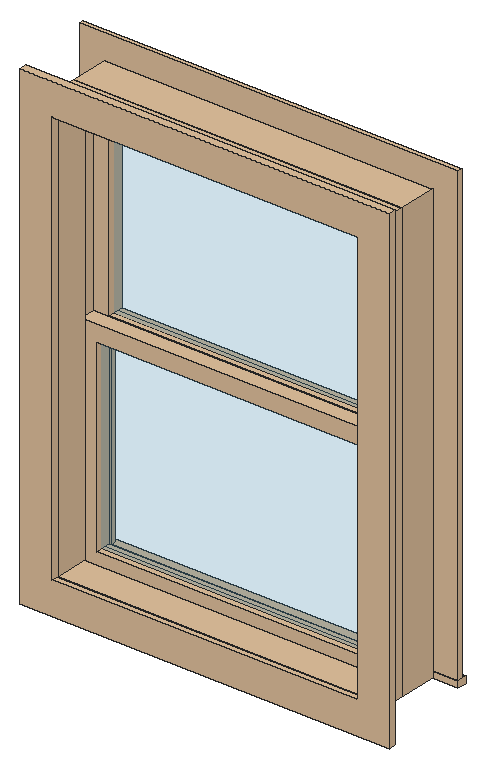
Revit family "Double Hung with Trim", category Windows, host Wall, Revit 2014
Parameters (values of type "36" x 48"")
  Visual Light Transmittance = 0.9
  Thermal Resistance (R) = 1.5394 (h·ft²·°F)/BTU
  Solar Heat Gain Coefficient = 0.78
  Construction Type Id = "GSP4R"
  Heat Transfer Coefficient (U) = 0.6496 BTU/(h·ft²·°F)
  Assembly Code = "B2020100"
  Glass Pane Material = Glass
  Height = 4' - 0"
  Sash Material = Sash
  Default Sill Height = 3' - 0"
  Trim Exterior Material = Trim
  Trim Interior Material = Trim
  Trim Projection - Ext. = 0' - 0 1/2"
  Trim Projection - Int. = 0' - 0 3/4"
  Trim Width - Exterior = 0' - 3 1/2"
  Trim Width - Interior = 0' - 3 1/2"
  Wall Closure = By host
  Width = 3' - 0"
  Window Inset = 0' - 0 3/4"
  Analytic Construction = "1/8 in Pilkington single glazing"
Types (9): name | Height | Default Sill Height | Width
  36" x 48" | 4' - 0" | 3' - 0" | 3' - 0"
  24" x 48" | 4' - 0" | 3' - 0" | 2' - 0"
  24" x 24" | 2' - 0" | 3' - 0" | 2' - 0"
  16" x 24" | 2' - 0" | 3' - 0" | 1' - 4"
  16" x 48" | 4' - 0" | 3' - 0" | 1' - 4"
  16" x 72" | 6' - 0" | 1' - 0" | 1' - 4"
  24" x 72" | 6' - 0" | 1' - 0" | 2' - 0"
  36" x 24" | 2' - 0" | 3' - 0" | 3' - 0"
  36" x 72" | 6' - 0" | 1' - 0" | 3' - 0"
Reference planes (in)
  plane 1: y = 0
  plane 2: z = 0
  plane 3 "Center": x = 0
  plane 4 "Left": x = -18
  plane 5 "Right": x = 18
  plane 6 "Sill": z = 36
  plane 7 "Top": z = 84
  plane 8: y = 4
  plane 9: y = -4
  plane 10: y = 3.25
  plane 11: z = 60
  plane 12: x = -17.25
  plane 13: x = -20.75
  plane 14: x = -20.25
  plane 15: x = -16.75
  plane 16: x = 20.75
  plane 17: x = 16.75
  plane 18: x = 20.25
  plane 19: x = 17.25
  plane 20: z = 86.75
  plane 21: z = 86.25
  plane 22: z = 83.25
  plane 23: z = 33.75
  plane 24: z = 37.25
  plane 25: z = 82.75
  plane 26 "Closure": y = 0.375
Forms (in)
  Extrusion 1, solid, material "Sash" <- "Sash Material"
    sketch origin (0, 0, 0) x (1, 0, 0) y (0, 0, 1)
      loop
        line (-18, 84) -> (-18, 36) -> (18, 36) -> (18, 84) -> (-18, 84)
      loop
        line (-17.25, 83.25) -> (-17.25, 36.75) -> (17.25, 36.75) -> (17.25, 83.25) -> (-17.25, 83.25)
    from -4 to 0.25
  Extrusion 2, solid, material "Sash" <- "Sash Material"
    sketch origin (0, 0, 0) x (-1, 0, 0) y (0, 0, 1)
      loop
        line (-18, 84) -> (-18, 36) -> (18, 36) -> (18, 84) -> (-18, 84)
      loop
        line (-16.75, 82.75) -> (-16.75, 37.25) -> (16.75, 37.25) -> (16.75, 82.75) -> (-16.75, 82.75)
    from -0.25 to -4
  Extrusion 3, solid, material "Sash" <- "Sash Material"
    sketch origin (0, 0, 0) x (-1, 0, 0) y (0, 0, 1)
      loop
        line (-17.25, 83.25) -> (-17.25, 59.125) -> (17.25, 59.125) -> (17.25, 83.25) -> (-17.25, 83.25)
      loop
        line (-15.5, 81.5) -> (-15.5, 60.875) -> (15.5, 60.875) -> (15.5, 81.5) -> (-15.5, 81.5)
    from 1.5 to 3.25
  Extrusion 4, solid, material "Glass" <- "Glass Pane Material"
    sketch origin (-4.9201, 0, -4.60771) x (1, 0, 0) y (0, 0, 1)
      loop
        line (-10.5799, 86.10771) -> (-10.5799, 65.48271) -> (20.4201, 65.48271) -> (20.4201, 86.10771) -> (-10.5799, 86.10771)
    from -2.625 to -2.125
  Extrusion 5, solid, material "Trim" <- "Trim Interior Material"
    sketch origin (0, 0, 0) x (1, 0, 0) y (0, 0, 1)
      loop
        line (-16.75, 82.75) -> (-16.75, 37.25) -> (16.75, 37.25) -> (16.75, 82.75) -> (-16.75, 82.75)
      loop
        line (-20.25, 86.25) -> (-20.25, 33.75) -> (20.25, 33.75) -> (20.25, 86.25) -> (-20.25, 86.25)
    from 4 to 4.75
  Extrusion 6, solid, material "Trim" <- "Trim Exterior Material"
    sketch origin (0, 0, 0) x (-1, 0, 0) y (0, 0, 1)
      loop
        line (-17.25, 83.25) -> (17.25, 83.25) -> (17.25, 36.75) -> (20.75, 36.75) -> (20.75, 86.75) -> (-20.75, 86.75) -> (-20.75, 36.75) -> (-17.25, 36.75) -> (-17.25, 83.25)
    from 4 to 4.5
  Extrusion 7, solid, material "Trim" <- "Trim Exterior Material"
    sketch origin (0, 0, 0) x (-1, 0, 0) y (0, 0, 1)
      loop
        line (-20.75, 36.75) -> (-20.75, 36) -> (20.75, 36) -> (20.75, 36.75) -> (-20.75, 36.75)
    from 4 to 5
  Extrusion 8, solid, material "Sash" <- "Sash Material"
    sketch origin (0, 0, 0) x (-1, 0, 0) y (0, 0, 1)
      loop
        line (-17.25, 60.875) -> (-17.25, 36.75) -> (17.25, 36.75) -> (17.25, 60.875) -> (-17.25, 60.875)
      loop
        line (-15.5, 59.125) -> (-15.5, 38.5) -> (15.5, 38.5) -> (15.5, 59.125) -> (-15.5, 59.125)
    from -0.25 to 1.5
  Extrusion 9, solid, material "Glass" <- "Glass Pane Material"
    sketch origin (0, 0, 0) x (-1, 0, 0) y (0, 0, 1)
      loop
        line (-15.5, 38.5) -> (15.5, 38.5) -> (15.5, 59.125) -> (-15.5, 59.125) -> (-15.5, 38.5)
    from 0.375 to 0.875
Lines and regions (in)
  Opening 1
    outline origin (-60, -4, 0) x (1, 0, 0) y (0, 0, 1)
      loop
        line (42, 84) -> (42, 36) -> (78, 36) -> (78, 84) -> (42, 84)
  symbolic lines, style "WindowsFrameMullionProjection"
    curve 1: line (-18, 4, 0) -> (-17.25, 4, 0)
    curve 2: line (-17.25, -0.25, 0) -> (-17.25, 4, 0)
    curve 3: line (-17.25, -0.25, 0) -> (-16.75, -0.25, 0)
    curve 4: line (-16.75, -4, 0) -> (-16.75, -0.25, 0)
    curve 5: line (18, 4, 0) -> (17.25, 4, 0)
    curve 6: line (16.75, -0.25, 0) -> (16.75, -4, 0)
    curve 7: line (16.75, -0.25, 0) -> (17.25, -0.25, 0)
    curve 8: line (17.25, -0.25, 0) -> (17.25, 4, 0)
    curve 9: line (-17.25, 1.5, 0) -> (-15.5, 1.5, 0)
    curve 10: line (-17.25, -0.25, 0) -> (-15.5, -0.25, 0)
    curve 11: line (-15.5, 1.5, 0) -> (-15.5, -0.25, 0)
    curve 12: line (17.25, 1.5, 0) -> (15.5, 1.5, 0)
    curve 13: line (17.25, -0.25, 0) -> (15.5, -0.25, 0)
    curve 14: line (15.5, 1.5, 0) -> (15.5, -0.25, 0)
    curve 16: line (-16.75, -4, 0) -> (-18, -4, 0)
    curve 17: line (16.75, -4, 0) -> (18, -4, 0)
  symbolic lines, style "WindowsGlassProjection"
    curve 15: line (-15.5, 0.625, 0) -> (15.5, 0.625, 0)
Text (in)
  text "EXTERIOR" at (-56.58296, 39.90194, 0), in view "Floor Line"
  text "INTERIOR" at (-56.58296, -29.86145, 0), in view "Floor Line"
  text "Exterior" at (0, 59.91871, 123.60809), in view "Left"
  text "Exterior" at (0, 18.29385, 125.04747), in view "Right"
Dimensions and locks (in)
  equal spacing: plane 4 "Left", plane 3 "Center", plane 5 "Right"
  "Width": plane 4 "Left" to plane 5 "Right"
  "Window Inset": plane 8 to plane 10
  locked: plane 10 to Extrusion 3 at 1.75
  locked: plane 10 to Extrusion 4 at 0.625
  locked: Extrusion 4 to Extrusion 4 at 0.5
  "Trim Projection - Int.": Extrusion 5 to Extrusion 5
  "Trim Projection - Ext.": Extrusion 6 to Extrusion 6
  locked: Extrusion 7 sketch curve to Extrusion 1 at 0.75
  locked: Extrusion 7 to Extrusion 6 at 0.5
  equal spacing: plane 6 "Sill", plane 11, plane 7 "Top"
  Extrusion 3 sketch curve to plane 11 to Extrusion 3 sketch curve = 0' - 0 7/8" locked, 0' - 0 7/8" locked
  locked: Extrusion 8 to Extrusion 3 at 3.5
  locked: Extrusion 8 to Extrusion 8 at 1.75
  locked: Extrusion 9 to Extrusion 8 at 0.625
  locked: Extrusion 9 to Extrusion 9 at 0.5
  locked: plane 4 "Left" to plane 12 at 0.75
  locked: plane 19 to plane 5 "Right" at 0.75
  locked: plane 4 "Left" to plane 15 at 1.25
  locked: plane 17 to plane 5 "Right" at 1.25
  locked: plane 22 to plane 7 "Top" at 0.75
  "Trim Width - Exterior": plane 22 to plane 20
  "Trim Width - Exterior": plane 19 to plane 16
  "Trim Width - Exterior": plane 13 to plane 12
  locked: plane 24 to plane 6 "Sill" at 1.25
  "Trim Width - Interior": plane 24 to plane 23
  "Trim Width - Interior": plane 14 to plane 15
  "Trim Width - Interior": plane 17 to plane 18
  "Height": plane 7 "Top" to plane 6 "Sill"
  "Default Sill Height": plane 6 "Sill" to plane 2
  locked: plane 7 "Top" to plane 25 at 1.25
  "Trim Width - Interior": plane 21 to plane 25
  locked: plane 26 "Closure" to plane 10 at 2.875
  equal spacing: Extrusion 8, curve 15, Extrusion 8
  aligned and locked: plane 7 "Top" to Opening 1 sketch curve
  aligned and locked: plane 6 "Sill" to Opening 1 sketch curve  (x2)
  aligned and locked: plane 5 "Right" to Opening 1 sketch curve
  aligned and locked: plane 4 "Left" to Opening 1 sketch curve
  aligned and locked: plane 9 to host wall
  aligned and locked: host wall to Extrusion 2
  aligned and locked: plane 10 to Extrusion 3
  aligned and locked: plane 8 to host wall
  aligned and locked: host wall to Extrusion 1
  aligned and locked: Extrusion 4 sketch curve to Extrusion 3  (x4)
  aligned and locked: curve 5 to Extrusion 1  (x2)
  aligned and locked: Extrusion 2 to curve 6
  aligned and locked: Extrusion 2 to curve 4
  aligned and locked: Extrusion 3 to curve 14
  aligned and locked: Extrusion 1 to curve 10
  aligned and locked: Extrusion 1 to curve 7
  aligned and locked: Extrusion 5 sketch curve to Extrusion 2  (x4)
  aligned and locked: Extrusion 5 to host wall
  aligned and locked: Extrusion 6 sketch curve to Extrusion 1  (x4)
  aligned and locked: Extrusion 6 to host wall
  aligned and locked: Extrusion 7 sketch curve to Extrusion 6  (x2)
  aligned and locked: Extrusion 7 to host wall
  aligned and locked: Extrusion 1 to Extrusion 8 sketch curve
  aligned and locked: Extrusion 8 sketch curve to Extrusion 6  (x2)
  aligned and locked: Extrusion 8 sketch curve to Extrusion 3
  aligned and locked: Extrusion 2 to Extrusion 8
  aligned and locked: Extrusion 1 to Extrusion 2
  aligned and locked: Extrusion 9 sketch curve to Extrusion 8  (x2)
  aligned and locked: Extrusion 3 to Extrusion 9 sketch curve
  aligned and locked: curve 9 to Extrusion 9 sketch curve
  aligned and locked: curve 9 to Extrusion 8
  aligned and locked: curve 12 to Extrusion 8
Automatic sketch dimensions
  Extrusion 1 sketch curve to plane 4 "Left" = 0' - 0"
  Extrusion 1 sketch curve to plane 5 "Right" = 0' - 0"
  Extrusion 1 sketch curve to plane 4 "Left" = 0' - 0 3/4"
  plane 5 "Right" to Extrusion 1 sketch curve = 0' - 0 3/4"
  Extrusion 1 sketch curve to plane 6 "Sill" = 0' - 0"
  Extrusion 1 sketch curve to plane 7 "Top" = 0' - 0"
  Extrusion 1 sketch curve to plane 6 "Sill" = 0' - 0 3/4"
  plane 7 "Top" to Extrusion 1 sketch curve = 0' - 0 3/4"
  Extrusion 2 sketch curve to plane 5 "Right" = 0' - 0"
  Extrusion 2 sketch curve to plane 4 "Left" = 0' - 0"
  plane 5 "Right" to Extrusion 2 sketch curve = 0' - 1 1/4"
  Extrusion 2 sketch curve to plane 4 "Left" = 0' - 1 1/4"
  Extrusion 2 sketch curve to plane 6 "Sill" = 0' - 0"
  Extrusion 2 sketch curve to plane 7 "Top" = 0' - 0"
  Extrusion 2 sketch curve to plane 6 "Sill" = 0' - 1 1/4"
  plane 7 "Top" to Extrusion 2 sketch curve = 0' - 1 1/4"
  plane 5 "Right" to Extrusion 3 sketch curve = 0' - 0 3/4"
  Extrusion 3 sketch curve to Extrusion 3 sketch curve = 0' - 1 3/4"
  Extrusion 3 sketch curve to plane 4 "Left" = 0' - 2 1/2"
  Extrusion 3 sketch curve to plane 4 "Left" = 0' - 0 3/4"
  plane 7 "Top" to Extrusion 3 sketch curve = 0' - 2 1/2"
  plane 7 "Top" to Extrusion 3 sketch curve = 0' - 0 3/4"
  Extrusion 8 sketch curve to Extrusion 8 sketch curve = 0' - 1 3/4"  (x4)
  Extrusion 7 sketch curve to plane 13 = 0' - 0"
  Extrusion 5 sketch curve to plane 14 = 0' - 0"
  Extrusion 5 sketch curve to plane 18 = 0' - 0"
  Extrusion 5 sketch curve to plane 23 = 0' - 0"
  Extrusion 5 sketch curve to plane 21 = 0' - 0"
  Extrusion 6 sketch curve to plane 16 = 0' - 0"
  Extrusion 6 sketch curve to plane 13 = 0' - 0"
  Extrusion 6 sketch curve to plane 20 = 0' - 0"
  Extrusion 6 sketch curve to plane 6 "Sill" = 0' - 0 3/4"
  curve 16 to host wall = 0' - 0"
  curve 16 to plane 4 "Left" = 0' - 0"
  curve 1 to host wall = 0' - 0"
  curve 1 to plane 4 "Left" = 0' - 0"
  curve 2 to plane 12 = 0' - 0"
  curve 17 to host wall = 0' - 0"
  curve 17 to plane 5 "Right" = 0' - 0"
  curve 10 to plane 15 = 0' - 1 1/4"
  curve 12 to plane 19 = 0' - 0"
